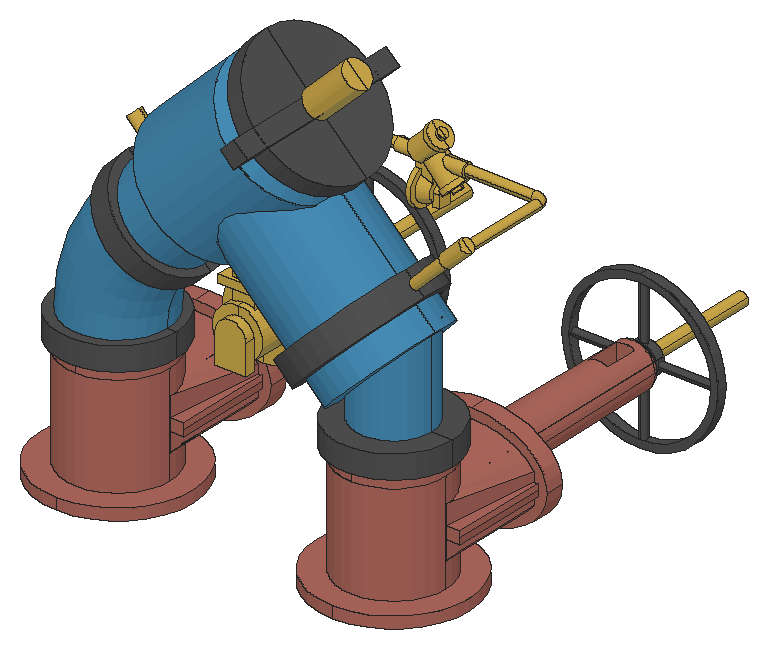
Revit family "Backflow_Preventer-RP-Zurn_Wilkins-Model_475DA_475DAG-(8-10_Inch)", category Pipe Accessories, Revit 2022 (continued)
Definition of nested family "Bypass 475DA(8-10_inch)"
  Dimensions and locks (in)
    Revolve 6 sketch curve to plane 8 to Revolve 6 sketch curve = 6.88449" locked, 0.2736" locked
    locked: Revolve 6 sketch curve to Revolve 6 sketch curve at 0.67043
    equal spacing: plane 11, plane 3 "Center (Left/Right)", plane 12
    "DA Length": plane 11 to plane 12
    locked: plane 11 to Sweep 7 sketch curve
    locked: level to Sweep 7 sketch curve
    "DA Strainer Distence from Middle": plane 3 "Center (Left/Right)" to plane 7
    "DA Distance from Middle": plane 14 to plane 3 "Center (Left/Right)"
    locked: Revolve 8 sketch curve to Revolve 8 sketch curve at 1.90625
    locked: Revolve 8 sketch curve to Revolve 8 sketch curve at 1.8125
    locked: Revolve 8 sketch curve to Revolve 8 sketch curve at 2.25  (x2)
    locked: level to Revolve 8 sketch curve at 1.09375
    Revolve 8 sketch curve to level = 1 5/32"
    "DA Distance from Center": plane 1 "Center (Front/Back)" to plane 15
    locked: plane 15 to plane 13 at 1.90625
    locked: plane 16 to plane 11 at 0.5
    locked: plane 12 to plane 17 at 0.5
    locked: plane 13 to plane 18 at 0.5
    locked: plane 19 to plane 13 at 1.33374
    "DA Strainer distance from right": plane 21 to plane 12
    "DA strainer distance from center to start": plane 3 "Center (Left/Right)" to plane 20
    plane 22 to Revolve 9 sketch curve = 2"
    Revolve 9 sketch curve to Revolve 9 sketch curve = 0.50508"
    Revolve 9 sketch curve to Revolve 9 sketch curve = 1 3/4"
    plane 22 to Revolve 9 sketch curve = 1.4519"
    Revolve 9 sketch curve to Revolve 9 sketch curve = 1.06311"
    locked: Extrusion 10 sketch curve to Extrusion 10 sketch curve at 1.25
    locked: Extrusion 10 sketch curve to plane 22 at 1.25
    "Relief y": level to plane 22
    "Relif X": plane 23 to plane 3 "Center (Left/Right)"
    locked: plane 24 to plane 23 at 2.5
    locked: plane 25 to plane 23 at 1.75
    equal spacing: Extrusion 10 sketch curve, plane 13, Extrusion 10 sketch curve
    locked: plane 26 to plane 23 at 0.50508
    locked: Masking region 1 to plane 13 at 2
    locked: Revolve 9 to Masking region 1 at 1.00856
    locked: plane 3 "Center (Left/Right)" to Masking region 1 at 8.5
    radius of Sweep 7 sketch curve = 1/2"
    radius of Revolve 8 sketch curve = 0.63232"
    "Water meter dia": radius of Masking region 1 sketch curve
    locked: Revolve 2 sketch curve to Revolve 3 (angle 45.00°)
    locked: Revolve 3 to Revolve 1 sketch curve (angle 45.00°)
    locked: Revolve 5 sketch curve to Revolve 6 (angle 45.00°)
    locked: Revolve 6 to Revolve 4 sketch curve (angle 45.00°)
    aligned and locked: plane 5 to Revolve 1
    aligned and locked: plane 5 to Revolve 3
    aligned and locked: plane 6 to Revolve 4
    aligned and locked: plane 6 to Revolve 6
    aligned and locked: plane 4 "DA top" to plane 9
    aligned and locked: level to plane 4 "DA top"
    aligned and locked: Sweep 7 sketch curve to plane 11
    aligned and locked: Sweep 7 sketch curve to plane 13
    aligned and locked: plane 12 to Sweep 7 sketch curve
    aligned and locked: plane 13 to plane 5
    aligned and locked: Revolve 8 sketch curve to Revolve 8 sketch curve
    aligned and locked: plane 14 to Revolve 8 sketch curve
    aligned and locked: Masking region 1 sketch curve to plane 1 "Center (Front/Back)"
    aligned and locked: plane 16 to Masking region 1 sketch curve
    aligned and locked: Masking region 1 sketch curve to plane 18  (x2)
    aligned and locked: plane 17 to Masking region 1 sketch curve
    aligned and locked: Masking region 1 sketch curve to plane 19
    aligned and locked: plane 14 to Masking region 1 sketch curve
    aligned and locked: plane 13 to Masking region 1 sketch curve
    aligned and locked: plane 18 to Masking region 1 sketch curve
    aligned and locked: plane 3 "Center (Left/Right)" to Masking region 1 sketch curve
    aligned and locked: Revolve 9 sketch curve to Revolve 9 sketch curve
    aligned and locked: plane 22 to Revolve 9 sketch curve
    aligned and locked: Extrusion 10 to Revolve 9
    aligned and locked: plane 22 to Extrusion 11 sketch curve
    aligned and locked: Revolve 9 to Extrusion 11
    aligned and locked: Extrusion 11 to Revolve 9
    aligned and locked: Revolve 9 to plane 23
    aligned and locked: Extrusion 10 to plane 25
    aligned and locked: plane 24 to Extrusion 10
    aligned and locked: Extrusion 10 to Extrusion 11
    aligned and locked: Extrusion 11 to Extrusion 10
    aligned and locked: level to Extrusion 11
    aligned and locked: Revolve 9 to plane 26
    aligned and locked: Masking region 1 to Revolve 9
    aligned and locked: plane 19 to Masking region 1  (x2)
  Automatic sketch dimensions
    plane 9 to Revolve 1 sketch curve = 0.1267"
    plane 9 to Revolve 1 sketch curve = 0.77703"
    plane 9 to Revolve 1 sketch curve = 1.37155"
    Revolve 2 sketch curve to Revolve 2 sketch curve = 0.1154"
    Revolve 2 sketch curve to plane 9 = 1.05551"
    Revolve 2 sketch curve to Revolve 2 sketch curve = 1.42624"
    Revolve 3 sketch curve to plane 9 = 0"  (x2)
    Revolve 3 sketch curve to Revolve 3 sketch curve = 0.94376"
    Revolve 3 sketch curve to Revolve 3 sketch curve = 1 1/4"
    plane 10 to Revolve 4 sketch curve = 0.1267"
    plane 10 to Revolve 4 sketch curve = 0.77703"
    plane 10 to Revolve 4 sketch curve = 1.37155"
    Revolve 5 sketch curve to Revolve 5 sketch curve = 0.1154"
    Revolve 5 sketch curve to plane 10 = 1.05551"
    Revolve 5 sketch curve to Revolve 5 sketch curve = 1.42624"
    Revolve 6 sketch curve to plane 10 = 0"  (x2)
    Revolve 6 sketch curve to Revolve 6 sketch curve = 0.94376"
    Revolve 6 sketch curve to Revolve 6 sketch curve = 1 1/4"
    plane 1 "Center (Front/Back)" to Sweep 7 sketch curve = 0"  (x2)
    Sweep 7 sketch curve to plane 11 = 1"
    Sweep 7 sketch curve to Sweep 7 sketch curve = 1"
    Revolve 8 sketch curve to level = 0.47137"
    Revolve 8 sketch curve to Revolve 8 sketch curve = 0.81868"
    Extrusion 10 sketch curve to plane 22 = 0"
    Extrusion 11 sketch curve to Extrusion 11 sketch curve = 3"
    Extrusion 11 sketch curve to plane 1 "Center (Front/Back)" = 10 15/32"
    plane 25 to Revolve 9 sketch curve = 0"
    Revolve 9 sketch curve to plane 20 = 0.14559"
    Revolve 9 sketch curve to Revolve 9 sketch curve = 0.19591"
    Extrusion 11 sketch curve to plane 1 "Center (Front/Back)" = 11 23/32"
    plane 18 to Masking region 1 sketch curve = 0"
    Masking region 1 sketch curve to plane 23 = 0"
    Masking region 1 sketch curve to plane 19 = 0"
    plane 20 to Masking region 1 sketch curve = 0.28981"
    Masking region 1 sketch curve to plane 21 = 1.94895"
    Masking region 1 sketch curve to plane 15 = 3/32"
Definition of nested family "Symbolic diagram 475DAOSYF(8-10)"
  Parameters (values of type "10"")
    Width = 12"
    Weight = ""
    URL = "www.zurn.com/"
    Symbol total length = 45 3/8"
    Standards Compliance = ""
    Specification Sheet URL = ""
    Repair Parts URL = ""
    Rated Flow = 0 GPM
    Product Page URL = ""
    Product Install & Maintenance Sheet URL [instance] = ""
    Pressure Loss at Rated Flow = 0.00 psi
    Nominal Radius = 0"
    Nominal Diameter = 0"
    Max Working Water Temperature = 0 °F
    Max Working Water Pressure = 0.00 psi
    Manufacturer = "Zurn Wilkins"
    Length = 24"
    Hydrostatic Test Pressure = 0.00 psi
    Height = 12"
    Flow = ""
    Default Elevation = 0"
  Types (2): name | Symbol total length
    8" | 43 3/4"
    10" | 45 3/8"
  Reference planes (in)
    plane 1 "Center (Front/Back)": y = 0
    plane 2: z = 0
    plane 3 "Center (Left/Right)": x = 0
    plane 4 "Left Side Plane": x = -12
    plane 5 "Right side Plane": x = 12
    plane 6 "Back Plane": y = 6
    plane 7 "Front Plane": y = -6
    plane 8 "Top Plane": z = 6
    plane 9 "Bottom Plane": z = -6
    plane 10: z = 1.875
    plane 11: z = -1.875
    plane 12: x = 0.75
    plane 13: x = -0.75
    plane 14: x = -6.75
    plane 15: x = -8.25
    plane 16: x = -14.25
    plane 17: x = 6.75
    plane 18: x = 8.25
    plane 19: x = 14.25
    plane 20: x = -3.75
    plane 21: x = -11.25
    plane 22: x = 3.75
    plane 23: x = 11.25
    plane 24: z = 8.3125
    plane 25: z = 9.75
    plane 26: x = -22.6875
    plane 27: x = 22.6875
    plane 28: z = -4
    plane 29: z = -7.9375
    plane 30: z = -5.96875
    plane 31: z = -8.9375
    plane 32: y = 1.875
    plane 33: y = -1.875
    plane 34: y = 8.3125
    plane 35: y = 9.75
    plane 36: y = -4
    plane 37: y = -7.9375
    plane 38: y = -5.96875
    plane 39: y = 3
    plane 40: y = -8.9375
    plane 41: z = 0
    plane 42: z = -3.25
    plane 43: x = -2.75
    plane 44: x = 4.75
    plane 45: z = -2.75
    plane 46: z = -3.75
    plane 47: y = -3.25
    plane 48: y = -2.75
    plane 49: y = -3.75
    plane 50: x = 7.5
    plane 51: x = -7.5
    plane 52: z = 7.5
    plane 53: x = -6
    plane 54: x = -3.1875
    plane 55: z = 8.625
    plane 56: z = 6.375
    plane 57: x = -1.96875
    plane 58: x = 1.375
    plane 59: x = 2.21875
    plane 60: x = 5.5625
    plane 61: x = 1.78197
    plane 62: y = 7.5
  Lines and regions (in)
    symbolic lines, detail levels coarse+medium
      curve 1: line (-0.75, 0, 1.875) -> (-0.75, 0, -1.875)
      curve 2: line (-0.75, 0, -1.875) -> (-6.75, 0, 1.875)
      curve 3: line (-6.75, 0, 1.875) -> (-6.75, 0, -1.875)
      curve 4: line (-6.75, 0, 0) -> (-8.25, 0, 0)
      curve 5: line (-8.25, 0, -1.875) -> (-8.25, 0, 1.875)
      curve 6: line (-8.25, 0, 1.875) -> (-14.25, 0, -1.875)
      curve 7: line (-14.25, 0, -1.875) -> (-14.25, 0, 1.875)
      curve 8: line (-14.25, 0, 1.875) -> (-8.25, 0, -1.875)
      curve 9: line (-0.75, 0, 0) -> (0.75, 0, 0)
      curve 10: line (0.75, 0, -1.875) -> (0.75, 0, 1.875)
      curve 11: line (0.75, 0, 1.875) -> (6.75, 0, -1.875)
      curve 12: line (6.75, 0, -1.875) -> (6.75, 0, 1.875)
      curve 13: line (6.75, 0, 0) -> (8.25, 0, 0)
      curve 14: line (8.25, 0, -1.875) -> (8.25, 0, 1.875)
      curve 15: line (8.25, 0, 1.875) -> (14.25, 0, -1.875)
      curve 16: line (14.25, 0, -1.875) -> (14.25, 0, 1.875)
      curve 17: line (14.25, 0, 1.875) -> (8.25, 0, -1.875)
      curve 18: line (-11.25, 0, 0) -> (-11.25, 0, 9.75)
      curve 19: line (-14.25, 0, 1.875) -> (-11.25, 0, 8.3125)
      curve 20: line (-12.25, 0, 8.3125) -> (-10.25, 0, 8.3125)
      curve 21: line (12.25, 0, 8.3125) -> (10.25, 0, 8.3125)
      curve 22: line (-11.25, 0, 8.3125) -> (-8.25, 0, 1.875)
      curve 23: line (8.25, 0, 1.875) -> (11.25, 0, 8.3125)
      curve 24: line (14.25, 0, 1.875) -> (11.25, 0, 8.3125)
      curve 25: line (11.25, 0, 0) -> (11.25, 0, 9.75)
      curve 26: line (0, 0, 0) -> (0, 0, -4)
      curve 27: line (-0.75, 0, -4) -> (0.75, 0, -4)
      curve 28: line (0.75, 0, -4) -> (-0.75, 0, -7.9375)
      curve 29: line (-0.75, 0, -7.9375) -> (0.75, 0, -7.9375)
      curve 30: line (0.75, 0, -7.9375) -> (-0.75, 0, -4)
      curve 31: line (0, 0, -5.96875) -> (-3, 0, -5.96875)
      curve 32: line (-0.72619, 0, -5.5816) -> (-1.16541, 0, -6.40765)
      curve 33: line (-1.22619, 0, -5.5816) -> (-1.66541, 0, -6.40765)
      curve 34: line (-1.72619, 0, -5.5816) -> (-2.16541, 0, -6.40765)
      curve 35: line (-3.75, 0, 0) -> (-3.75, 0, 3)
      curve 36: line (-4.57135, 0, 1.30857) -> (-2.87525, 0, 0.24874)
      curve 37: line (-4.57135, 0, 2.05857) -> (-2.87525, 0, 0.99874)
      curve 38: line (-4.57135, 0, 2.80857) -> (-2.87525, 0, 1.74874)
      curve 39: line (3.75, 0, 0) -> (3.75, 0, 3)
      curve 40: line (2.92865, 0, 1.30857) -> (4.62475, 0, 0.24874)
      curve 41: line (2.92865, 0, 2.05857) -> (4.62475, 0, 0.99874)
      curve 42: line (2.92865, 0, 2.80857) -> (4.62475, 0, 1.74874)
      curve 43: line (14.75, 0, 0) -> (22.6875, 0, 0)
      curve 44: line (-22.6875, 0, 0) -> (-14.75, 0, 0)
      curve 45: line (0, 0, -7.9375) -> (0, 0, -8.9375)
      curve 91: line (-6.75, 0, -3.25) -> (-2.75, 0, -3.25)
      curve 92: line (-2.75, 0, -2.75) -> (-0.75, 0, -3.25)
      curve 93: line (-0.75, 0, -3.25) -> (-2.75, 0, -3.75)
      curve 94: line (-2.75, 0, -3.75) -> (-2.75, 0, -2.75)
      curve 95: line (0.75, 0, -3.25) -> (4.75, 0, -3.25)
      curve 96: line (4.75, 0, -2.75) -> (4.75, 0, -3.75)
      curve 97: line (4.75, 0, -2.75) -> (6.75, 0, -3.25)
      curve 98: line (6.75, 0, -3.25) -> (4.75, 0, -3.75)
      curve 107: line (0, 0, 1.875) -> (0, 0, -1.875)
      curve 108: line (0, -1.875, 0) -> (0, 1.875, 0)
      curve 109: line (-7.5, 0, 0) -> (-7.5, 0, 7.5)
      curve 110: line (-7.5, 0, 7.5) -> (-6, 0, 7.5)
      curve 111: line (-6, 0, 8.5625) -> (-6, 0, 6.4375)
      curve 112: line (-3.1875, 0, 8.61207) -> (-3.1875, 0, 6.39912)
      curve 113: arc (-3.1875, 0, 8.61207) -> (-4.59697, 0, 8.77002) -> (-6, 0, 8.5625) r 5.50308
      curve 114: arc (-6, 0, 6.4375) -> (-4.59569, 0, 6.27588) -> (-3.1875, 0, 6.39912) r 7.01373
      curve 115: line (-5.28125, 0, 6.83182) -> (-5.28125, 0, 8.125)
      curve 116: line (-5.28125, 0, 8.125) -> (-4.5625, 0, 7.21816)
      curve 117: line (-3.84375, 0, 8.125) -> (-3.84375, 0, 6.83182)
      curve 118: line (-4.5625, 0, 7.21816) -> (-3.84375, 0, 8.125)
      curve 119: line (-1.96875, 0, 8.625) -> (-1.96875, 0, 6.375)
      curve 120: line (1.375, 0, 8.625) -> (1.375, 0, 6.375)
      curve 121: line (-1.96875, 0, 8.625) -> (1.375, 0, 6.375)
      curve 122: line (-0.29687, 0, 7.5) -> (-0.29687, 0, 9.5)
      curve 123: line (1.28197, 0, 5.21198) -> (2.28197, 0, 5.21198)
      curve 124: line (2.28197, 0, 5.21198) -> (1.28197, 0, 2.58698)
      curve 125: line (1.28197, 0, 2.58698) -> (2.28197, 0, 2.58698)
      curve 126: line (2.28197, 0, 2.58698) -> (1.28197, 0, 5.21198)
      curve 127: line (1.78197, 0, 3.89948) -> (-0.21803, 0, 3.89948)
      curve 128: line (1.29784, 0, 4.15758) -> (1.00503, 0, 3.60688)
      curve 129: line (0.96451, 0, 4.15758) -> (0.67169, 0, 3.60688)
      curve 130: line (0.63118, 0, 4.15758) -> (0.33836, 0, 3.60688)
      curve 131: line (-2.71803, 0, 5.71198) -> (-0.05136, 0, 5.71198)
      curve 132: line (-0.05136, 0, 6.04531) -> (1.28197, 0, 5.71198)
      curve 133: line (1.28197, 0, 5.71198) -> (-0.05136, 0, 5.37864)
      curve 134: line (-0.05136, 0, 5.37864) -> (-0.05136, 0, 6.04531)
      curve 135: line (2.28197, 0, 5.71198) -> (4.94864, 0, 5.71198)
      curve 136: line (4.94864, 0, 6.04531) -> (4.94864, 0, 5.37864)
      curve 137: line (4.94864, 0, 6.04531) -> (6.28197, 0, 5.71198)
      curve 138: line (6.28197, 0, 5.71198) -> (4.94864, 0, 5.37864)
      curve 139: line (2.21875, 0, 8.625) -> (2.21875, 0, 6.375)
      curve 140: line (5.5625, 0, 8.625) -> (5.5625, 0, 6.375)
      curve 141: line (2.21875, 0, 8.625) -> (5.5625, 0, 6.375)
      curve 142: line (3.89063, 0, 7.5) -> (3.89063, 0, 9.5)
      curve 143: line (1.375, 0, 7.5) -> (2.21875, 0, 7.5)
      curve 144: line (1.78197, 0, 5.21198) -> (1.78197, 0, 7.5)
      curve 145: line (7.5, 0, 0) -> (7.5, 0, 7.5)
      curve 146: line (7.5, 0, 7.5) -> (5.5625, 0, 7.5)
      curve 147: line (-3.1875, 0, 7.5) -> (-1.96875, 0, 7.5)
      curve 148: line (-0.8322, 0, 8.35117) -> (0.2041, 0, 7.65218)
      curve 149: line (-0.81868, 0, 8.72805) -> (0.21762, 0, 8.02906)
      curve 150: line (-0.8322, 0, 9.09662) -> (0.2041, 0, 8.39763)
      curve 151: line (3.3553, 0, 8.35117) -> (4.3916, 0, 7.65218)
      curve 152: line (3.36882, 0, 8.72805) -> (4.40512, 0, 8.02906)
      curve 153: line (3.3553, 0, 9.09662) -> (4.3916, 0, 8.39763)
      curve 154: line (1.78197, 0, 2.58698) -> (1.78197, 0, 1.875)
      curve 201: line (14.75, 0, -1.875) -> (14.75, 0, 1.875)
      curve 202: line (-14.75, 0, -1.875) -> (-14.75, 0, 1.875)
    model lines, detail levels coarse+medium
      curve 46: line (-0.75, 1.875, 0) -> (-0.75, -1.875, 0)
      curve 47: line (-0.75, -1.875, 0) -> (-6.75, 1.875, 0)
      curve 48: line (-6.75, 1.875, 0) -> (-6.75, -1.875, 0)
      curve 49: line (-6.75, 0, 0) -> (-8.25, 0, 0)
      curve 50: line (-8.25, 1.875, 0) -> (-8.25, -1.875, 0)
      curve 51: line (-8.25, -1.875, 0) -> (-14.25, 1.875, 0)
      curve 52: line (-14.25, 1.875, 0) -> (-14.25, -1.875, 0)
      curve 53: line (-14.25, -1.875, 0) -> (-8.25, 1.875, 0)
      curve 54: line (-14.75, 0, 0) -> (-22.6875, 0, 0)
      curve 55: line (0.75, -1.875, 0) -> (0.75, 1.875, 0)
      curve 56: line (0.75, 1.875, 0) -> (6.75, -1.875, 0)
      curve 57: line (6.75, -1.875, 0) -> (6.75, 1.875, 0)
      curve 58: line (6.75, 0, 0) -> (8.25, 0, 0)
      curve 59: line (8.25, 1.875, 0) -> (8.25, -1.875, 0)
      curve 60: line (8.25, -1.875, 0) -> (14.25, 1.875, 0)
      curve 61: line (8.25, 1.875, 0) -> (14.25, -1.875, 0)
      curve 62: line (14.25, -1.875, 0) -> (14.25, 1.875, 0)
      curve 63: line (14.75, 0, 0) -> (22.6875, 0, 0)
      curve 64: line (-0.75, 0, 0) -> (0.75, 0, 0)
      curve 65: line (-12.25, 8.3125, 0) -> (-10.25, 8.3125, 0)
      curve 66: line (-11.25, 0, 0) -> (-11.25, 9.75, 0)
      curve 67: line (-14.25, 1.875, 0) -> (-11.25, 8.3125, 0)
      curve 68: line (-8.25, 1.875, 0) -> (-11.25, 8.3125, 0)
      curve 69: line (10.25, 8.3125, 0) -> (12.25, 8.3125, 0)
      curve 70: line (11.25, 9.75, 0) -> (11.25, 0, 0)
      curve 71: line (8.25, 1.875, 0) -> (11.25, 8.3125, 0)
      curve 72: line (14.25, 1.875, 0) -> (11.25, 8.3125, 0)
      curve 73: line (0.75, -4, 0) -> (-0.75, -4, 0)
      curve 74: line (-0.75, -4, 0) -> (0.75, -7.9375, 0)
      curve 75: line (0.75, -7.9375, 0) -> (-0.75, -7.9375, 0)
      curve 76: line (-0.75, -7.9375, 0) -> (0.75, -4, 0)
      curve 77: line (0, 0, 0) -> (0, -4, 0)
      curve 78: line (0, -5.96875, 0) -> (-3, -5.96875, 0)
      curve 79: line (-0.42454, -5.42627, 0) -> (-0.86921, -6.47385, 0)
      curve 80: line (-1.17454, -5.42627, 0) -> (-1.61921, -6.47385, 0)
      curve 81: line (-1.92454, -5.42627, 0) -> (-2.36921, -6.47385, 0)
      curve 82: line (-3.75, 0, 0) -> (-3.75, 3, 0)
      curve 83: line (3.75, 0, 0) -> (3.75, 3, 0)
      curve 84: line (-4.69543, 1.62104, 0) -> (-2.78744, 0.42854, 0)
      curve 85: line (-4.69543, 2.37104, 0) -> (-2.78744, 1.17854, 0)
      curve 86: line (-4.69543, 3.12104, 0) -> (-2.78744, 1.92854, 0)
      curve 87: line (2.80457, 1.62104, 0) -> (4.71256, 0.42854, 0)
      curve 88: line (2.80457, 2.37104, 0) -> (4.71256, 1.17854, 0)
      curve 89: line (2.80457, 3.12104, 0) -> (4.71256, 1.92854, 0)
      curve 90: line (0, -7.9375, 0) -> (0, -8.9375, 0)
      curve 99: line (-6.75, -3.25, 0) -> (-2.75, -3.25, 0)
      curve 100: line (-2.75, -2.75, 0) -> (-2.75, -3.75, 0)
      curve 101: line (-2.75, -3.75, 0) -> (-0.75, -3.25, 0)
      curve 102: line (-0.75, -3.25, 0) -> (-2.75, -2.75, 0)
      curve 103: line (0.75, -3.25, 0) -> (4.75, -3.25, 0)
      curve 104: line (4.75, -2.75, 0) -> (4.75, -3.75, 0)
      curve 105: line (4.75, -3.75, 0) -> (6.75, -3.25, 0)
      curve 106: line (6.75, -3.25, 0) -> (4.75, -2.75, 0)
      curve 155: line (1.28197, 8.75, 0) -> (1.28197, 6.25, 0)
      curve 156: line (1.28197, 6.25, 0) -> (-2.71803, 8.75, 0)
      curve 157: line (-2.71803, 8.75, 0) -> (-2.71803, 6.25, 0)
      curve 158: line (-2.71803, 7.5, 0) -> (-3.1875, 7.5, 0)
      curve 159: line (2.28197, 6.25, 0) -> (2.28197, 8.75, 0)
      curve 160: line (2.28197, 8.75, 0) -> (6.28197, 6.25, 0)
      curve 161: line (6.28197, 6.25, 0) -> (6.28197, 8.75, 0)
      curve 162: line (1.28197, 7.5, 0) -> (2.28197, 7.5, 0)
      curve 163: line (2.28197, 4.83333, 0) -> (1.28197, 4.83333, 0)
      curve 164: line (1.28197, 4.83333, 0) -> (2.28197, 2.20833, 0)
      curve 165: line (2.28197, 2.20833, 0) -> (1.28197, 2.20833, 0)
      curve 166: line (1.28197, 2.20833, 0) -> (2.28197, 4.83333, 0)
      curve 167: line (1.78197, 7.5, 0) -> (1.78197, 4.83333, 0)
      curve 168: line (1.78197, 3.52083, 0) -> (-0.21803, 3.52083, 0)
      curve 169: line (1.49894, 3.88249, 0) -> (1.2025, 3.1841, 0)
      curve 170: line (0.99894, 3.88249, 0) -> (0.7025, 3.1841, 0)
      curve 171: line (0.49894, 3.88249, 0) -> (0.2025, 3.1841, 0)
      curve 172: line (-0.71803, 7.5, 0) -> (-0.71803, 9.5, 0)
      curve 173: line (4.28197, 7.5, 0) -> (4.28197, 9.5, 0)
      curve 174: line (-1.34832, 8.58069, 0) -> (-0.07632, 7.78569, 0)
      curve 175: line (-1.34832, 9.08069, 0) -> (-0.07632, 8.28569, 0)
      curve 176: line (-1.34832, 9.58069, 0) -> (-0.07632, 8.78569, 0)
      curve 177: line (3.65168, 8.58069, 0) -> (4.92368, 7.78569, 0)
      curve 178: line (3.65168, 9.08069, 0) -> (4.92368, 8.28569, 0)
      curve 179: line (3.65168, 9.58069, 0) -> (4.92368, 8.78569, 0)
      curve 180: line (1.78197, 2.20833, 0) -> (1.78197, 1.54167, 0)
      curve 181: line (-2.71803, 5.33333, 0) -> (-0.05136, 5.33333, 0)
      curve 182: line (-0.05136, 5.66667, 0) -> (-0.05136, 5, 0)
      curve 183: line (-0.05136, 5, 0) -> (1.28197, 5.33333, 0)
      curve 184: line (1.28197, 5.33333, 0) -> (-0.05136, 5.66667, 0)
      curve 185: line (2.28197, 5.33333, 0) -> (4.94864, 5.33333, 0)
      curve 186: line (4.94864, 5.66667, 0) -> (4.94864, 5, 0)
      curve 187: line (4.94864, 5, 0) -> (6.28197, 5.33333, 0)
      curve 188: line (6.28197, 5.33333, 0) -> (4.94864, 5.66667, 0)
      curve 189: line (6.28197, 7.5, 0) -> (7.5, 7.5, 0)
      curve 190: line (7.5, 7.5, 0) -> (7.5, 0, 0)
      curve 191: line (-7.5, 0, 0) -> (-7.5, 7.5, 0)
      curve 192: line (-7.5, 7.5, 0) -> (-6, 7.5, 0)
      curve 193: line (-6, 8.75, 0) -> (-6, 6.25, 0)
      curve 194: line (-3.1875, 8.75, 0) -> (-3.1875, 6.25, 0)
      curve 195: arc (-6, 8.75, 0) -> (-4.59375, 8.95646, 0) -> (-3.1875, 8.75, 0) r 4.89237
      curve 196: arc (-6, 6.25, 0) -> (-4.59375, 6.04354, 0) -> (-3.1875, 6.25, 0) r 4.89237
      curve 197: line (-5.28125, 6.875, 0) -> (-5.28125, 8.125, 0)
      curve 198: line (-3.84375, 6.875, 0) -> (-3.84375, 8.125, 0)
      curve 199: line (-5.28125, 8.125, 0) -> (-4.5625, 7.23742, 0)
      curve 200: line (-3.84375, 8.125, 0) -> (-4.5625, 7.23742, 0)
      curve 203: line (14.75, -1.875, 0) -> (14.75, 1.875, 0)
      curve 204: line (-14.75, -1.875, 0) -> (-14.75, 1.875, 0)
  Dimensions and locks (in)
    equal spacing: plane 5 "Right side Plane", plane 3 "Center (Left/Right)", plane 4 "Left Side Plane"
    "Length": plane 5 "Right side Plane" to plane 4 "Left Side Plane"
    equal spacing: plane 8 "Top Plane", plane 2, plane 9 "Bottom Plane"
    "Height": plane 8 "Top Plane" to plane 9 "Bottom Plane"
    equal spacing: plane 7 "Front Plane", plane 1 "Center (Front/Back)", plane 6 "Back Plane"
    "Width": plane 7 "Front Plane" to plane 6 "Back Plane"
    equal spacing: plane 10, plane 2, plane 11
    locked: plane 10 to plane 11 at 3.75
    equal spacing: plane 12, plane 3 "Center (Left/Right)", plane 13
    locked: plane 12 to plane 13 at 1.5
    locked: plane 13 to plane 14 at 6
    locked: plane 14 to plane 15 at 1.5
    locked: plane 15 to plane 16 at 6
    locked: plane 17 to plane 18 at 1.5
    locked: plane 18 to plane 19 at 6
    locked: plane 12 to plane 17 at 6
    equal spacing: plane 13, plane 20, plane 14
    equal spacing: plane 15, plane 21, plane 16
    equal spacing: plane 12, plane 22, plane 17
    equal spacing: plane 18, plane 23, plane 19
    locked: plane 24 to level at 8.3125
    locked: plane 25 to plane 2 at 9.75
    locked: plane 21 to curve 20 at 1
    locked: curve 20 to plane 21 at 1
    locked: curve 21 to plane 23 at 1
    locked: plane 23 to curve 21 at 1
    equal spacing: plane 27, plane 3 "Center (Left/Right)", plane 26
    "Symbol total length": plane 27 to plane 26
    locked: level to plane 28 at 4
    locked: plane 28 to plane 29 at 3.9375
    equal spacing: plane 28, plane 30, plane 29
    locked: plane 3 "Center (Left/Right)" to curve 31 at 3
    locked: plane 29 to plane 31 at 1
    locked: plane 32 to plane 33 at 3.75
    equal spacing: plane 32, plane 1 "Center (Front/Back)", plane 33
    locked: plane 34 to plane 1 "Center (Front/Back)" at 8.3125
    locked: curve 65 to plane 21 at 1
    locked: plane 21 to curve 65 at 1
    locked: plane 35 to plane 1 "Center (Front/Back)" at 9.75
    locked: curve 69 to plane 23 at 1
    locked: plane 23 to curve 69 at 1
    locked: plane 36 to plane 1 "Center (Front/Back)" at 4
    locked: plane 36 to plane 37 at 3.9375
    equal spacing: plane 36, plane 38, plane 37
    locked: curve 78 to plane 3 "Center (Left/Right)" at 3
    locked: plane 39 to plane 1 "Center (Front/Back)" at 3
    locked: plane 37 to plane 40 at 1
    locked: plane 2 to plane 42 at 3.25
    locked: plane 43 to plane 14 at 4
    locked: plane 44 to plane 12 at 4
    plane 45 to plane 42 to plane 46 = 1/2" locked, 1/2" locked
    locked: plane 47 to plane 1 "Center (Front/Back)" at 3.25
    plane 48 to plane 47 to plane 49 = 1/2" locked, 1/2" locked
    equal spacing: plane 15, plane 51, plane 14
    equal spacing: plane 17, plane 50, plane 18
    locked: plane 52 to plane 2 at 7.5
    locked: curve 113 to plane 52 at 1.0625
    plane 52 to curve 114 = 1 1/16"
    locked: plane 53 to plane 51 at 1.5
    locked: plane 54 to plane 53 at 2.8125
    locked: curve 115 to plane 53 at 0.71875
    locked: curve 115 to curve 117 at 1.4375
    locked: curve 116 to plane 52 at 0.625
    locked: plane 52 to curve 118 at 0.28184
    locked: curve 118 to curve 115 at 0.71875
    locked: curve 113 to plane 52 at 1.27088
    locked: plane 52 to curve 114 at 1.22478
    locked: plane 55 to plane 52 at 1.125
    locked: plane 52 to plane 56 at 1.125
    locked: plane 54 to plane 57 at 1.21875
    locked: plane 57 to plane 58 at 3.34375
    locked: plane 58 to plane 59 at 0.84375
    locked: plane 60 to plane 59 at 3.34375
    locked: plane 61 to plane 58 at 0.40697
    locked: plane 62 to plane 1 "Center (Front/Back)" at 7.5
    locked: curve 197 to plane 62 at 0.625
    locked: plane 53 to curve 197 at 0.71875
    locked: curve 7 to curve 202 at 0.5
    locked: plane 19 to curve 201 at 0.5
    locked: curve 204 to curve 52 at 0.5
    locked: plane 19 to curve 203 at 0.5
    aligned and locked: plane 2 to level
    aligned and locked: plane 16 to curve 7
    aligned and locked: plane 15 to curve 5
    aligned and locked: plane 11 to curve 5
    aligned and locked: plane 10 to curve 7
    aligned and locked: plane 11 to curve 7
    aligned and locked: level to curve 4
    aligned and locked: plane 15 to curve 4
    aligned and locked: plane 14 to curve 4
    aligned and locked: curve 3 to plane 14
    aligned and locked: curve 1 to plane 13
    aligned and locked: plane 10 to curve 3
    aligned and locked: plane 11 to curve 3
    aligned and locked: plane 10 to curve 1
    aligned and locked: plane 13 to curve 9
    aligned and locked: plane 12 to curve 9
    aligned and locked: plane 10 to curve 10
    aligned and locked: plane 11 to curve 10
    aligned and locked: plane 12 to curve 10
    aligned and locked: curve 12 to plane 17
    aligned and locked: plane 10 to curve 12
    aligned and locked: plane 17 to curve 13
    aligned and locked: plane 18 to curve 13
    aligned and locked: plane 11 to curve 14
    aligned and locked: curve 14 to plane 18
    aligned and locked: curve 16 to plane 19
    aligned and locked: plane 10 to curve 16
    aligned and locked: plane 11 to curve 16
    aligned and locked: plane 25 to curve 18
    aligned and locked: plane 21 to curve 18
    aligned and locked: level to curve 18
    aligned and locked: plane 24 to curve 21
    aligned and locked: curve 20 to plane 24
    aligned and locked: curve 25 to plane 23
    aligned and locked: plane 25 to curve 25
    aligned and locked: level to curve 25
    aligned and locked: level to curve 26
    aligned and locked: curve 26 to plane 3 "Center (Left/Right)"
    aligned and locked: plane 13 to curve 29
    aligned and locked: plane 12 to curve 29
    aligned and locked: curve 29 to plane 29
    aligned and locked: curve 27 to plane 28
    aligned and locked: plane 12 to curve 27
    aligned and locked: plane 13 to curve 27
    aligned and locked: curve 31 to plane 30
    aligned and locked: plane 3 "Center (Left/Right)" to curve 31
    aligned and locked: plane 20 to curve 35
    aligned and locked: level to curve 35
    aligned and locked: curve 39 to plane 22
    aligned and locked: level to curve 39
    aligned and locked: curve 43 to level
    aligned and locked: plane 27 to curve 43
    aligned and locked: plane 26 to curve 44
    aligned and locked: curve 44 to level
    aligned and locked: plane 29 to curve 45
    aligned and locked: curve 45 to plane 3 "Center (Left/Right)"
    aligned and locked: plane 31 to curve 45
    aligned and locked: plane 33 to curve 62
    aligned and locked: plane 18 to curve 58
    aligned and locked: plane 17 to curve 58
    aligned and locked: plane 1 "Center (Front/Back)" to curve 58
    aligned and locked: plane 1 "Center (Front/Back)" to curve 63
    aligned and locked: plane 27 to curve 63
    aligned and locked: plane 33 to curve 55
    aligned and locked: plane 12 to curve 55
    aligned and locked: plane 32 to curve 57
    aligned and locked: plane 33 to curve 47
    aligned and locked: plane 32 to curve 46
    aligned and locked: plane 33 to curve 48
    aligned and locked: plane 33 to curve 51
    aligned and locked: plane 32 to curve 53
    aligned and locked: curve 49 to plane 1 "Center (Front/Back)"
    aligned and locked: plane 14 to curve 49
    aligned and locked: plane 15 to curve 49
    aligned and locked: plane 33 to curve 53
    aligned and locked: plane 32 to curve 52
    aligned and locked: curve 54 to plane 1 "Center (Front/Back)"
    aligned and locked: plane 26 to curve 54
    aligned and locked: plane 13 to curve 64
    aligned and locked: plane 12 to curve 64
    aligned and locked: plane 1 "Center (Front/Back)" to curve 64
    aligned and locked: plane 32 to curve 61
    aligned and locked: plane 33 to curve 60
    aligned and locked: plane 33 to curve 56
    aligned and locked: plane 32 to curve 60
    aligned and locked: plane 32 to curve 55
    aligned and locked: plane 32 to curve 47
    aligned and locked: plane 16 to curve 53
    aligned and locked: plane 15 to curve 51
    aligned and locked: plane 13 to curve 47
    aligned and locked: plane 18 to curve 60
    aligned and locked: curve 65 to plane 34
    aligned and locked: plane 35 to curve 66
    aligned and locked: plane 21 to curve 66
    aligned and locked: plane 1 "Center (Front/Back)" to curve 66
    aligned and locked: plane 34 to curve 68
    aligned and locked: curve 69 to plane 34
    aligned and locked: plane 35 to curve 70
    aligned and locked: plane 23 to curve 70
    aligned and locked: plane 1 "Center (Front/Back)" to curve 70
    aligned and locked: plane 34 to curve 71
    aligned and locked: plane 36 to curve 73
    aligned and locked: plane 13 to curve 76
    aligned and locked: plane 12 to curve 76
    aligned and locked: plane 13 to curve 73
    aligned and locked: plane 37 to curve 76
    aligned and locked: plane 1 "Center (Front/Back)" to curve 77
    aligned and locked: curve 77 to plane 3 "Center (Left/Right)"
    aligned and locked: plane 36 to curve 77
    aligned and locked: curve 78 to plane 38
    aligned and locked: plane 3 "Center (Left/Right)" to curve 78
    aligned and locked: plane 20 to curve 82
    aligned and locked: plane 39 to curve 82
    aligned and locked: plane 39 to curve 83
    aligned and locked: curve 83 to plane 22
    aligned and locked: plane 1 "Center (Front/Back)" to curve 82
    aligned and locked: plane 1 "Center (Front/Back)" to curve 83
    aligned and locked: plane 37 to curve 90
    aligned and locked: curve 90 to plane 3 "Center (Left/Right)"
    aligned and locked: plane 40 to curve 90
    aligned and locked: plane 2 to plane 41
    aligned and locked: curve 91 to plane 42
    aligned and locked: plane 43 to curve 91
    aligned and locked: plane 14 to curve 91
    aligned and locked: plane 43 to curve 94
    aligned and locked: plane 45 to curve 94
    aligned and locked: plane 46 to curve 94
    aligned and locked: curve 95 to plane 42
    aligned and locked: plane 12 to curve 95
    aligned and locked: curve 96 to plane 44
    aligned and locked: plane 44 to curve 95
    aligned and locked: plane 46 to curve 96
    aligned and locked: plane 45 to curve 96
    aligned and locked: curve 103 to plane 47
    aligned and locked: plane 12 to curve 103
    aligned and locked: plane 44 to curve 103
    aligned and locked: plane 49 to curve 105
    aligned and locked: plane 17 to curve 106
    aligned and locked: plane 44 to curve 105
    aligned and locked: plane 48 to curve 104
    aligned and locked: plane 13 to curve 102
    aligned and locked: plane 49 to curve 100
    aligned and locked: plane 48 to curve 102
    aligned and locked: plane 43 to curve 101
    aligned and locked: plane 43 to curve 99
    aligned and locked: plane 14 to curve 99
    aligned and locked: curve 99 to plane 47
    aligned and locked: plane 11 to curve 107
    aligned and locked: plane 10 to curve 107
    aligned and locked: plane 33 to curve 108
    aligned and locked: plane 32 to curve 108
    aligned and locked: plane 1 "Center (Front/Back)" to curve 107
    aligned and locked: curve 108 to plane 2
    aligned and locked: curve 110 to plane 52
    aligned and locked: plane 51 to curve 109
    aligned and locked: curve 112 to plane 54
    aligned and locked: curve 111 to plane 53
    aligned and locked: plane 55 to curve 119
    aligned and locked: plane 56 to curve 119
    aligned and locked: plane 55 to curve 120
    aligned and locked: plane 56 to curve 120
    aligned and locked: plane 57 to curve 119
    aligned and locked: plane 58 to curve 120
    aligned and locked: curve 143 to plane 52
    aligned and locked: plane 50 to curve 145
    aligned and locked: plane 52 to curve 146
    aligned and locked: curve 140 to plane 60
    aligned and locked: curve 139 to plane 59
    aligned and locked: curve 147 to plane 52
    aligned and locked: plane 54 to curve 147
    aligned and locked: plane 57 to curve 147
    aligned and locked: plane 58 to curve 143
    aligned and locked: plane 59 to curve 143
    aligned and locked: plane 61 to curve 144
    aligned and locked: plane 51 to curve 191
    aligned and locked: curve 192 to plane 62
    aligned and locked: curve 193 to plane 53
    aligned and locked: curve 202 to curve 44
    aligned and locked: curve 201 to curve 43
    aligned and locked: curve 204 to curve 54
    aligned and locked: plane 32 to curve 204
    aligned and locked: plane 33 to curve 204
    aligned and locked: plane 32 to curve 203
    aligned and locked: plane 33 to curve 203
    aligned and locked: curve 203 to curve 63
  Automatic sketch dimensions
    curve 19 to plane 21 = 0"
    curve 93 to plane 13 = 0"
    curve 122 to plane 52 = 0"
    curve 127 to plane 61 = 0"
    curve 154 to plane 10 = 0"
    curve 154 to plane 61 = 0"
    curve 142 to plane 52 = 0"
    plane 17 to curve 98 = 0"
    plane 23 to curve 23 = 0"
    curve 201 to plane 10 = 0"
    curve 201 to plane 11 = 0"
    curve 97 to plane 42 = 0"
    curve 92 to plane 42 = 0"
    curve 202 to plane 11 = 0"
    curve 13 to level = 0"
    curve 202 to plane 10 = 0"
    curve 140 to plane 56 = 0"
    curve 139 to plane 56 = 0"
    curve 139 to plane 55 = 0"
    curve 140 to plane 55 = 0"
    curve 113 to plane 20 = 3/4"
    curve 114 to plane 20 = 3/4"
    curve 134 to plane 3 "Center (Left/Right)" = 0.05136"
    plane 58 to curve 132 = 0.09303"
    plane 58 to curve 126 = 0.09303"
    plane 58 to curve 125 = 0.09303"
    plane 59 to curve 123 = 0.06322"
    plane 59 to curve 126 = 0.06322"
    curve 137 to plane 8 "Top Plane" = 0.04531"
    plane 44 to curve 137 = 0.19864"
    plane 17 to curve 138 = 0.46803"
    plane 10 to curve 125 = 0.71198"
    plane 8 "Top Plane" to curve 123 = 0.78802"
    plane 8 "Top Plane" to curve 136 = 0.62136"
    plane 8 "Top Plane" to curve 134 = 0.62136"
    plane 8 "Top Plane" to curve 133 = 0.28802"
    plane 8 "Top Plane" to curve 137 = 0.28802"
    curve 132 to plane 8 "Top Plane" = 0.04531"
    curve 118 to plane 24 = 3/16"
    curve 36 to plane 20 = 0.82135"
    plane 10 to curve 37 = 47/256"
    curve 37 to curve 36 = 0"
    curve 38 to curve 113 = 0.07135"
    curve 38 to plane 43 = 0.12525"
    curve 36 to plane 43 = 0.12525"
    curve 37 to plane 43 = 0.12525"
    plane 43 to curve 131 = 0.03197"
    plane 57 to curve 34 = 0.19666"
    curve 34 to plane 57 = 0.24256"
    curve 33 to plane 57 = 0.30334"
    curve 33 to plane 13 = 0.47619"
    curve 32 to plane 13 = 0.41541"
    plane 24 to curve 148 = 0.03867"
    curve 148 to plane 13 = 0.0822"
    curve 150 to plane 13 = 0.0822"
    curve 149 to plane 13 = 0.06868"
    plane 13 to curve 32 = 0.02381"
    curve 127 to plane 3 "Center (Left/Right)" = 0.21803"
    plane 3 "Center (Left/Right)" to curve 148 = 0.2041"
    plane 24 to curve 150 = 0.08513"
    plane 3 "Center (Left/Right)" to curve 150 = 0.2041"
    plane 3 "Center (Left/Right)" to curve 149 = 0.21762"
    plane 3 "Center (Left/Right)" to curve 130 = 0.33836"
    curve 130 to plane 12 = 0.11882"
    curve 129 to plane 12 = 0.07831"
    plane 12 to curve 129 = 0.21451"
    plane 12 to curve 128 = 0.25503"
    plane 58 to curve 128 = 0.07716"
    plane 59 to curve 135 = 0.06322"
    curve 125 to curve 42 = 0.64668"
    plane 10 to curve 41 = 47/256"
    plane 59 to curve 41 = 0.7099"
    plane 59 to curve 40 = 0.7099"
    plane 22 to curve 153 = 0.3947"
    plane 24 to curve 151 = 0.03867"
    plane 22 to curve 151 = 0.3947"
    plane 55 to curve 152 = 0.10305"
    curve 153 to curve 152 = 0.01352"
    plane 52 to curve 151 = 0.15218"
    curve 151 to plane 44 = 0.3584"
    plane 24 to curve 153 = 0.08513"
    curve 153 to plane 44 = 0.3584"
    curve 152 to plane 44 = 0.34488"
    curve 42 to plane 44 = 0.12525"
    curve 41 to plane 44 = 0.12525"
    curve 40 to plane 44 = 0.12525"
    plane 9 "Bottom Plane" to curve 32 = 0.40765"
    plane 9 "Bottom Plane" to curve 33 = 0.40765"
    plane 9 "Bottom Plane" to curve 34 = 0.40765"
    curve 32 to plane 30 = 0.38715"
    curve 34 to plane 30 = 0.38715"
    curve 33 to plane 30 = 0.38715"
    level to curve 40 = 0.24874"
    level to curve 36 = 0.24874"
    curve 36 to curve 37 = 3/4"
    curve 40 to curve 41 = 3/4"
    curve 36 to plane 10 = 145/256"
    curve 40 to plane 10 = 145/256"
    curve 42 to plane 10 = 0.12626"
    curve 38 to plane 10 = 0.12626"
    curve 125 to curve 42 = 0.2216"
    curve 38 to curve 113 = 0.45923"
    curve 42 to curve 39 = 49/256"
    curve 35 to curve 113 = 0.2678"
    curve 129 to curve 127 = 0.2926"
    curve 128 to curve 129 = 0"  (x2)
    curve 130 to curve 129 = 0"  (x2)
    curve 128 to curve 129 = 0.5507"
    plane 8 "Top Plane" to curve 135 = 0.28802"
    plane 8 "Top Plane" to curve 131 = 0.28802"
    curve 117 to plane 56 = 0.45682"
    curve 115 to plane 56 = 0.45682"
    plane 52 to curve 148 = 0.15218"
    curve 152 to plane 24 = 0.28344"
    curve 149 to plane 24 = 0.28344"
    plane 55 to curve 149 = 0.10305"
    curve 149 to curve 150 = 0.36857"
    curve 152 to curve 153 = 0.36857"
    curve 122 to plane 25 = 1/4"
    curve 142 to plane 25 = 1/4"
    curve 67 to plane 21 = 0"
    curve 196 to plane 54 = 0"
    curve 158 to plane 62 = 0"
    curve 172 to plane 62 = 0"
    curve 162 to plane 62 = 0"
    curve 180 to plane 61 = 0"
    curve 167 to plane 61 = 0"
    curve 168 to plane 61 = 0"
    curve 173 to plane 62 = 0"
    curve 189 to plane 62 = 0"
    curve 190 to plane 50 = 0"
    curve 71 to plane 23 = 0"
    curve 105 to plane 47 = 0"
    curve 102 to plane 47 = 0"
    curve 195 to plane 20 = 27/32"
    curve 196 to plane 20 = 27/32"
    curve 200 to plane 62 = 0.26258"
    curve 197 to curve 200 = 23/32"
    curve 200 to plane 20 = 3/32"
    plane 43 to curve 157 = 0.03197"
    curve 182 to plane 3 "Center (Left/Right)" = 0.05136"
    plane 58 to curve 184 = 0.09303"
    plane 58 to curve 166 = 0.09303"
    plane 58 to curve 155 = 0.09303"
    plane 58 to curve 163 = 0.09303"
    plane 59 to curve 166 = 0.06322"
    plane 59 to curve 165 = 0.06322"
    plane 59 to curve 159 = 0.06322"
    plane 44 to curve 186 = 0.19864"
    plane 17 to curve 161 = 0.46803"
    plane 17 to curve 187 = 0.46803"
    plane 32 to curve 165 = 0.33333"
    plane 39 to curve 195 = 1.06409"
    curve 166 to plane 6 "Back Plane" = 1.16667"
    curve 182 to plane 6 "Back Plane" = 1"
    curve 186 to plane 6 "Back Plane" = 1"
    curve 187 to plane 6 "Back Plane" = 0.66667"
    curve 163 to curve 183 = 1/2"
    curve 184 to plane 6 "Back Plane" = 0.33333"
    curve 188 to plane 6 "Back Plane" = 0.33333"
    plane 6 "Back Plane" to curve 160 = 1/4"
    plane 6 "Back Plane" to curve 193 = 1/4"
    plane 6 "Back Plane" to curve 155 = 1/4"
    curve 200 to plane 34 = 3/16"
    plane 34 to curve 193 = 7/16"
    plane 34 to curve 160 = 7/16"
    plane 34 to curve 156 = 7/16"
    plane 35 to curve 196 = 1.18591"
    curve 84 to plane 32 = 0.25396"
    curve 84 to plane 20 = 0.94543"
    curve 85 to curve 84 = 0"
    plane 39 to curve 86 = 0.12104"
    curve 86 to curve 85 = 0"
    curve 84 to plane 43 = 0.03744"
    curve 86 to plane 43 = 0.03744"
    curve 85 to plane 43 = 0.03744"
    plane 43 to curve 181 = 0.03197"
    plane 43 to curve 81 = 0.38079"
    curve 81 to plane 57 = 0.04421"
    curve 80 to plane 57 = 0.34954"
    curve 176 to plane 35 = 0.16931"
    curve 176 to plane 13 = 0.59832"
    curve 175 to curve 176 = 0"
    plane 34 to curve 174 = 0.26819"
    curve 174 to curve 175 = 0"
    curve 80 to plane 13 = 0.42454"
    curve 79 to plane 13 = 0.11921"
    plane 13 to curve 79 = 0.32546"
    curve 168 to plane 3 "Center (Left/Right)" = 0.21803"
    curve 175 to plane 34 = 0.02681"
    curve 175 to plane 3 "Center (Left/Right)" = 0.07632"
    curve 176 to plane 3 "Center (Left/Right)" = 0.07632"
    curve 174 to plane 3 "Center (Left/Right)" = 0.07632"
    plane 3 "Center (Left/Right)" to curve 171 = 0.2025"
    curve 171 to plane 12 = 0.25106"
    curve 170 to plane 12 = 0.0475"
    plane 12 to curve 170 = 0.24894"
    plane 58 to curve 169 = 0.1725"
    curve 169 to plane 58 = 0.12394"
    plane 59 to curve 185 = 0.06322"
    curve 87 to plane 32 = 0.25396"
    plane 59 to curve 87 = 0.58582"
    curve 164 to curve 88 = 0.5226"
    plane 39 to curve 89 = 0.12104"
    plane 59 to curve 89 = 0.58582"
    plane 22 to curve 177 = 0.09832"
    plane 22 to curve 179 = 0.09832"
    plane 22 to curve 178 = 0.09832"
    curve 87 to plane 44 = 0.03744"
    curve 89 to plane 44 = 0.03744"
    curve 88 to plane 44 = 0.03744"
    curve 178 to plane 34 = 0.02681"
    plane 44 to curve 178 = 0.17368"
    plane 44 to curve 179 = 0.17368"
    plane 44 to curve 177 = 0.17368"
    plane 7 "Front Plane" to curve 81 = 0.47385"
    plane 7 "Front Plane" to curve 80 = 0.47385"
    plane 7 "Front Plane" to curve 79 = 0.47385"
    curve 81 to plane 38 = 0.54248"
    curve 79 to plane 38 = 0.54248"
    curve 80 to plane 38 = 0.54248"
    curve 87 to plane 1 "Center (Front/Back)" = 0.42854"
    curve 84 to plane 1 "Center (Front/Back)" = 0.42854"
    curve 85 to plane 32 = 0.69646"
    curve 88 to plane 32 = 0.69646"
    curve 180 to plane 32 = 0.33333"
    plane 32 to curve 89 = 0.05354"
    plane 32 to curve 86 = 0.05354"
    plane 32 to curve 85 = 0.49604"
    plane 32 to curve 88 = 0.49604"
    plane 39 to curve 171 = 0.1841"
    plane 39 to curve 170 = 0.1841"
    plane 39 to curve 169 = 0.1841"
    curve 170 to curve 171 = 0.69839"
    curve 171 to curve 170 = 0"
    curve 168 to curve 169 = 0.36165"
    curve 186 to curve 185 = 0.33333"
    curve 181 to plane 6 "Back Plane" = 0.66667"
    plane 6 "Back Plane" to curve 157 = 1/4"
    plane 6 "Back Plane" to curve 159 = 1/4"
    curve 197 to plane 62 = 5/8"
    curve 198 to plane 62 = 5/8"
    plane 62 to curve 177 = 0.28569"
    plane 62 to curve 174 = 0.28569"
    plane 34 to curve 177 = 0.26819"
    plane 34 to curve 155 = 7/16"
    plane 34 to curve 161 = 7/16"
    plane 34 to curve 176 = 0.47319"
    plane 34 to curve 179 = 0.47319"
    curve 174 to curve 175 = 1/2"
    curve 177 to curve 178 = 1/2"
    curve 173 to plane 35 = 1/4"
    curve 172 to plane 35 = 1/4"
    curve 179 to plane 35 = 0.16931"
Types (4): name | Symbolic diagram | Symbol allign | Rated Flow | Product Weight (lbs) | Pressure Loss at Rated Flow | Overall Height | Nominal Diameter | Main Body DA | Nominal Radius | Model | MR body flange dia-2 | MR body flange dia-1 | Height | Gate valve | DIM C - VALVE CENTER TO GATE STEM END | Bypass | DIM B - OVERALL HEIGHT OF THE VALVE
  8-475DA (8" 475DA Flanged) | Symbolic diagram 475DAOSYF(8-10) : 8" | 0" | 1600 GPM | 897 | 15.00 psi | 46" | 8" | Main Body 475 : 8" | 4" | "475DA" | 14.99222" | 12.49991" | 46" | Gate Valve_475VOSY : 8" | 37 3/4" | Bypass 475DA(8-10_inch) : 8" | 46"
  8-475DAG (8" 475DA Grooved) | Symbolic diagram 475DAOSY(8-10) : 8" | 3 1/4" | 1600 GPM | 843 | 15.00 psi | 46" | 8" | Main Body 475 : 8" | 4" | "475DAG" | 14 1/4" | 12.49991" | 46" | Gate Valve_475VOSY : 8" G | 37 3/4" | Bypass 475DA(8-10_inch) : 8" | 46"
  10-475DAG (10" 475DA Grooved) | Symbolic diagram 475DAOSY(8-10) : 10" | 0" | 2300 GPM | 1055 | 14.60 psi | 47 1/2" | 10" | Main Body 475 : 10" | 5" | "475DAG" | 14 1/2" | 12 1/2" | 47 1/2" | Gate Valve_475VOSY : 10" G | 45 3/4" | Bypass 475DA(8-10_inch) : 10" | 47 1/2"
  10-475DA (10" 475DA Flanged) | Symbolic diagram 475DAOSYF(8-10) : 10" | 0" | 2300 GPM | 1113 | 14.60 psi | 47 1/2" | 10" | Main Body 475 : 10" | 5" | "475DA" | 14 1/2" | 12 1/2" | 47 1/2" | Gate Valve_475VOSY : 10" | 45 3/4" | Bypass 475DA(8-10_inch) : 10" | 47 1/2"
